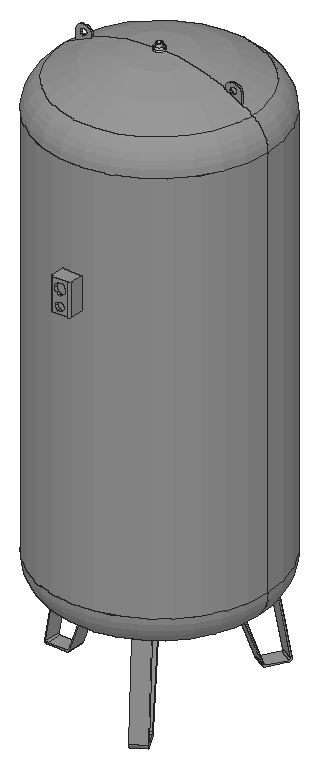
Revit family "WAV 1500", category Оборудование, Revit 2014
Parameters
  Описание = "Мембранный бак для водоснабжения V=1500л, Py=10бар, 2\""
  Материал = Синяя краска
  Масса кг = "240"
  Комментарии к типоразмеру = "WAV 1500"
  Изготовитель = "WESTER"  # constant formula
  URL = "http://www.wester.su/"
Reference planes
  plane 1 "По центру (Вперед/Назад)": y = 0
  plane 2: z = 0
  plane 3 "По центру (Влево/Вправо)": x = 0
Forms (mm)
  Revolve 1, solid, material "Синяя краска" <- "Материал"
    sketch origin (161.5, 0, 720.958) x (0, 0, 1) y (-1, 0, 0)
      loop
        line (-432.958, 161.5) -> (1779.042, 161.5)
        arc (1779.042, 161.5) -> (1748.776, 375.572) -> (1660.034, 572.721) r 767.832
        arc (1660.034, 572.721) -> (1606.408, 623.176) -> (1535.096, 641.51) r 147.855
        line (1535.096, 641.51) -> (-203.505, 641.51)
        arc (-203.505, 641.51) -> (-275.266, 622.916) -> (-328.969, 571.815) r 147.778
        arc (-328.969, 571.815) -> (-392.489, 446.262) -> (-432.958, 311.5) r 797.602
        line (-432.958, 311.5) -> (-432.958, 161.5)
      axis (-432.958, 161.5) -> (1779.042, 161.5)
    angle from 0 to 360
  Revolve 2, solid, material "Синяя краска" <- "Материал"
    sketch origin (0, 0, 524.559) x (-1, 0, 0) y (0, 0, -1)
      loop
        line (0, 236.559) -> (150, 236.559) -> (150, 256.512) -> (129.063, 256.512) -> (129.063, 264.574) -> (150, 264.574) -> (150, 274.559) -> (33.717, 274.559) -> (33.717, 324.559) -> (28.412, 324.559) -> (28.412, 274.516) -> (0, 274.516) -> (0, 236.559)
      axis (0, 324.559) -> (0, 236.559)
    angle from 0 to 360
  Revolve 3, solid
    sketch origin (0, 0, 1848.511) x (1, 0, 0) y (0, 0, 1)
      loop
        line (-13.204, 674.49) -> (-13.204, 663) -> (-18.475, 663) -> (-18.475, 656.503) -> (-23.985, 656.503) -> (-23.985, 651.489) -> (0, 651.489) -> (0, 653.751) -> (-7.729, 653.751) -> (-9.298, 655.32) -> (-9.298, 676.489) -> (-11.205, 676.489) -> (-13.204, 674.49)
      axis (0, 676.489) -> (0, 651.489)
    angle from 0 to 360
  Extrusion 4, solid, material "Синяя краска" <- "Материал"
    sketch origin (0, -96.875, 0) x (1, 0, 0) y (0, 1, 0)
      loop
        line (42.5, -438.15) -> (42.5, -379.712) -> (-42.5, -379.712) -> (-42.5, -438.15)
        arc (-42.5, -438.15) -> (-39.571, -445.221) -> (-32.5, -448.15) r 10
        line (-32.5, -448.15) -> (32.5, -448.15)
        arc (32.5, -448.15) -> (39.571, -445.221) -> (42.5, -438.15) r 10
    from 1690 to 1828
  Extrusion 5, void
    sketch origin (0, 0, 650) x (1, 0, 0) y (0, 0, 1)
      loop
        circle (0, 1139.927) r 25
      loop
        circle (0, 1069.302) r 20
    from 535 to 545.025
  Extrusion 6, solid, material "Синяя краска" <- "Материал"
    sketch origin (0, 0, 0) x (1, 0, 0) y (0, 0, 1)
      loop
        line (-254.617, 317.835) -> (-260.256, 319.883) -> (-372.77, 9.953)
        arc (-372.77, 9.953) -> (-374.966, 7.087) -> (-378.41, 6) r 6
        line (-378.41, 6) -> (-465.666, 6)
        arc (-465.666, 6) -> (-470.267, 8.148) -> (-471.573, 13.055) r 6
        line (-471.573, 13.055) -> (-404.284, 389.684) -> (-409.766, 393.116) -> (-477.479, 14.11)
        arc (-477.479, 14.11) -> (-474.867, 4.297) -> (-465.666, 0) r 12
        line (-465.666, 0) -> (-378.41, 0)
        arc (-378.41, 0) -> (-371.523, 2.173) -> (-367.13, 7.905) r 12
        line (-367.13, 7.905) -> (-254.617, 317.835)
    from -35 to 35
  Extrusion 7, solid, material "Синяя краска" <- "Материал"
    sketch origin (-165.784, 95.854, 0) x (-0.5, -0.866025, 0) y (0, 0, 1)
      loop
        line (-254.617, 317.835) -> (-260.256, 319.883) -> (-372.77, 9.953)
        arc (-372.77, 9.953) -> (-374.966, 7.087) -> (-378.41, 6) r 6
        line (-378.41, 6) -> (-465.666, 6)
        arc (-465.666, 6) -> (-470.267, 8.148) -> (-471.573, 13.055) r 6
        line (-471.573, 13.055) -> (-404.284, 389.684) -> (-409.766, 393.116) -> (-477.479, 14.11)
        arc (-477.479, 14.11) -> (-474.867, 4.297) -> (-465.666, 0) r 12
        line (-465.666, 0) -> (-378.41, 0)
        arc (-378.41, 0) -> (-371.523, 2.173) -> (-367.13, 7.905) r 12
        line (-367.13, 7.905) -> (-254.617, 317.835)
    from -226.5 to -156.5
  Extrusion 8, solid, material "Синяя краска" <- "Материал"
    sketch origin (0.031, -0.114, 0) x (-0.5, 0.866025, 0) y (0, 0, 1)
      loop
        line (-254.617, 317.835) -> (-260.256, 319.883) -> (-372.77, 9.953)
        arc (-372.77, 9.953) -> (-374.966, 7.087) -> (-378.41, 6) r 6
        line (-378.41, 6) -> (-465.666, 6)
        arc (-465.666, 6) -> (-470.267, 8.148) -> (-471.573, 13.055) r 6
        line (-471.573, 13.055) -> (-404.284, 389.684) -> (-409.766, 393.116) -> (-477.479, 14.11)
        arc (-477.479, 14.11) -> (-474.867, 4.297) -> (-465.666, 0) r 12
        line (-465.666, 0) -> (-378.41, 0)
        arc (-378.41, 0) -> (-371.523, 2.173) -> (-367.13, 7.905) r 12
        line (-367.13, 7.905) -> (-254.617, 317.835)
    from -35 to 35
  Extrusion 9, solid, material "Синяя краска" <- "Материал"
    sketch origin (0, 0, 0) x (1, 0, 0) y (0, 0, 1)
      loop
        line (-365, 2450) -> (-365, 2406.826) -> (-295, 2406.826) -> (-295, 2450)
        arc (-295, 2450) -> (-303.787, 2471.213) -> (-325, 2480) r 30
        line (-325, 2480) -> (-335, 2480)
        arc (-335, 2480) -> (-356.213, 2471.213) -> (-365, 2450) r 30
      loop
        arc (365, 2450) -> (356.213, 2471.213) -> (335, 2480) r 30
        line (335, 2480) -> (325, 2480)
        arc (325, 2480) -> (303.787, 2471.213) -> (295, 2450) r 30
        line (295, 2450) -> (295, 2406.826) -> (365, 2406.826) -> (365, 2450)
      loop
        circle (329.958, 2450.037) r 15
      loop
        circle (-329.958, 2450.037) r 15
    from -2.5 to 2.5
Cuts and joins
  joined: Extrusion 7, Extrusion 8
  Extrusion 5 cuts Extrusion 4
  joined: Revolve 1, Extrusion 4, Extrusion 9
Dimensions and locks
  aligned and locked: level to plane 2
Nested families
  nested 1: "Болт" at (0, -136.109, 250) x (0, 1, 0) z (0, 0, -1), type "Болт"
  nested 2: "Болт" at (-96.296, -96.14, 250) x (-0.2588, 0.9659, 0) z (0, 0, -1), type "Болт"
  nested 3: "Болт" at (-136.094, 0, 250) x (1, 0, 0) z (0, 0, -1), type "Болт"
  nested 4: "Болт" at (96.149, 96.195, 250) x (-0.2588, 0.9659, 0) z (0, 0, -1), type "Болт"
  nested 5: "Болт" at (-96.187, 96.221, 250) x (0.2588, 0.9659, 0) z (0, 0, -1), type "Болт"
  nested 6: "Болт" at (96.287, -96.207, 250) x (0.9659, 0.2588, 0) z (0, 0, -1), type "Болт"
  nested 7: "Болт" at (136.094, 0, 250) x (-1, 0, 0) z (0, 0, -1), type "Болт"
  nested 8: "Болт" at (0, 136.109, 250) x (0, -1, 0) z (0, 0, -1), type "Болт"
Connectors
  piping at (0, 0, 200), diameter 50
    settings: on Revolve 2, index 1, connector inside diameter 609.6 mm, connector length 0 mm, flow factor 0, pipe flow 0.0 L/s, pressure drop 0.0 Pa, fitting loss kfactor 0, connector angle 0.00°, fixture units 0, engagement length 0 mm, angle of deflection 0.00°, flow configuration 1, flow direction 0, fitting loss method 0, system type 29, joint type 0, gender type 0, connector reference index -1, connector utility 0, adjustable connector no, is connector primary yes, connector description ""
Definition of nested family "Болт"
  Parameters (values of type "Болт")
    Default Elevation = 1219.2 mm
    L [instance] = 30 mm
  Reference planes
    plane 1 "По центру (Вперед/Назад)": y = 0
    plane 2: z = 0
    plane 3 "По центру (Влево/Вправо)": x = 0
    plane 4: z = -30
  Forms (mm)
    Extrusion 1, solid
      sketch origin (0, 0, 0) x (1, 0, 0) y (0, 1, 0)
        loop
          line (-1219.2, 1219.2) -> (-1219.2, -1219.2) -> (1219.2, -1219.2) -> (1219.2, 1219.2) -> (-1219.2, 1219.2)
      from 0 to -304.8
    Extrusion 2, solid, detail levels medium+fine
      sketch origin (0, 0, 0) x (0, 1, 0) y (-1, 0, 0)
        loop
          line (-6.5, -3.753) -> (0, -7.506) -> (6.5, -3.753) -> (6.5, 3.753) -> (0, 7.506) -> (-6.5, 3.753) -> (-6.5, -3.753)
      from 0 to 5.3
    Extrusion 3, solid, detail levels medium+fine
      sketch origin (0, 0, 0) x (1, 0, 0) y (0, 1, 0)
        loop
          circle (0, 0) r 4
      from -30 to 0
    Revolve 4, void
      sketch origin (0, 0, 0) x (1, 0, 0) y (0, 0, 1)
        loop
          line (-7.506, 4.447) -> (-6.413, 5.3) -> (-7.506, 5.3) -> (-7.506, 4.447)
        axis (0, 5.3) -> (0, 4.3)
      angle from 0 to 360
    Revolve 5, void
      sketch origin (0, 0, -51.56) x (1, 0, 0) y (0, 0, 1)
        loop
          line (-4, 21.56) -> (-2.365, 21.56) -> (-4, 23.195) -> (-4, 21.56)
        axis (0, 23.195) -> (0, 21.56)
      angle from 0 to 360
  Cuts and joins
    Revolve 4 cuts Extrusion 2
    Revolve 5 cuts Extrusion 3
    joined: Extrusion 2, Extrusion 3
  Dimensions and locks
    Extrusion 1 to cut or joined group of Extrusion 2, Extrusion 3, Revolve 4, Revolve 5 = 30 mm
    "L": level to plane 4
    locked: Revolve 5 sketch curve to plane 4 at 1.635
    aligned and locked: plane 2 to Extrusion 1
    aligned and locked: level to Extrusion 1
    aligned and locked: Revolve 4 sketch curve to plane 3 "По центру (Влево/Вправо)"
    aligned and locked: cut or joined group of Extrusion 2, Extrusion 3, Revolve 4, Revolve 5 to Revolve 4 sketch curve
    aligned and locked: Extrusion 3 to plane 4
    aligned and locked: cut or joined group of Extrusion 2, Extrusion 3, Revolve 4, Revolve 5 to plane 4
  Automatic sketch dimensions
    Extrusion 1 sketch curve to Extrusion 1 sketch curve = 2438.4 mm  (x2)
    plane 1 "По центру (Вперед/Назад)" to Extrusion 2 sketch curve = 0 mm  (x2)
    plane 1 "По центру (Вперед/Назад)" to Extrusion 2 sketch curve = 6.5 mm
    Extrusion 2 sketch curve to plane 1 "По центру (Вперед/Назад)" = 6.5 mm
    plane 3 "По центру (Влево/Вправо)" to Extrusion 2 sketch curve = 7.506 mm
    plane 3 "По центру (Влево/Вправо)" to Extrusion 2 sketch curve = 3.753 mm  (x2)
    Extrusion 2 sketch curve to plane 3 "По центру (Влево/Вправо)" = 3.753 mm  (x2)
    Extrusion 2 sketch curve to plane 3 "По центру (Влево/Вправо)" = 7.506 mm
    plane 1 "По центру (Вперед/Назад)" to Extrusion 3 sketch curve = 0 mm
    Extrusion 3 sketch curve to plane 3 "По центру (Влево/Вправо)" = 0 mm
    Revolve 4 sketch curve to plane 3 "По центру (Влево/Вправо)" = 6.413 mm
    Revolve 4 sketch curve to Revolve 4 sketch curve = 1.092 mm
    Revolve 4 sketch curve to Revolve 4 sketch curve = 0.853 mm
    Revolve 4 sketch curve to plane 4 = 544.04 mm
    Revolve 4 sketch curve to Revolve 4 sketch curve = 2603.758 mm
    plane 3 "По центру (Влево/Вправо)" to Revolve 5 sketch curve = 0 mm
    Revolve 5 sketch curve to plane 3 "По центру (Влево/Вправо)" = 2.365 mm
    Revolve 5 sketch curve to Revolve 5 sketch curve = 1.635 mm  (x2)
    Revolve 5 sketch curve to plane 4 = 595.6 mm
    level to Revolve 5 sketch curve = 2557.498 mm
    radius of Extrusion 3 sketch curve = 4 mm
